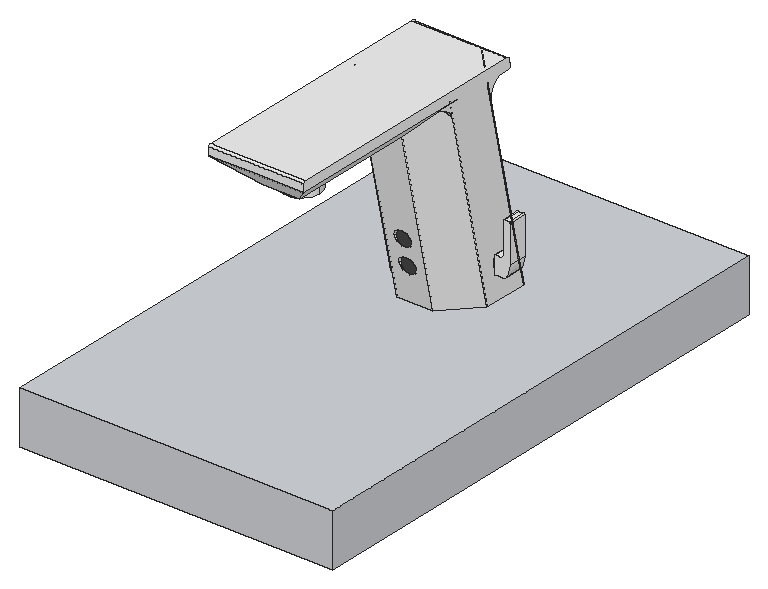
Revit family
Parameters (values of type "Chrome-Polished_Chrome-CP")
  Width = 0' - 2 15/16"
  WFU = 0
  URL = "http://www.us.kohler.com"
  Sensor Material = Sensor Glass
  Product Page URL = "http://www.us.kohler.com/onlinecatalog/detail.jsp?prod_num=13468"
  Product Documentation Link = "http://www.us.kohler.com/onlinecatalog/pdf/1126263_4.pdf"
  Model = "K-13468"  # constant formula
  Manufacturer = "Kohler"  # constant formula
  Length = 0' - 7 3/4"
  Installation = "Single-hole"  # constant formula
  Hot water Radius = 3/16"
  Hot Water Diameter = 3/8"
  Hot Water Connector = "Hot Water Connector"  # constant formula
  Height = 0' - 5 7/16"
  HWFU = 0
  HW Connection = yes
  Finish = Chrome-Kohler-CP-Polished Chrome
  Description = "GEOMETRIC TOUCHLESS™ DM FAUCET W/MIXER"  # constant formula
  Default Elevation = 0' - 0"
  Created By = "http://medialab3dstudio.com/"
  Cold Water Radius = 3/16"
  Cold Water Diameter = 3/8"
  Cold Water Connector = "Cold Water Connector"  # constant formula
  CWFU = 0
  CW Connection = yes
  Assembly Code = "D2010"
Types (3): name | Finish
  (no name) | Chrome-Kohler-CP-Polished Chrome
  Chrome-Polished_Chrome-CP | Chrome-Kohler-CP-Polished Chrome
  Steel-Vibrant_Stainless-VS | Steel-Kohler-VS-Vibrant Stainless
Reference planes (in)
  plane 1 "Back": y = 0
  plane 2 "Bottom": z = 0
  plane 3 "Center (Left/Right)": x = 0
  plane 4 "Left": x = -1.21875
  plane 5 "Right": x = 1.21875
  plane 6 "Front": y = -7.75
  plane 7: z = 5.4375
  plane 8: y = -6.31997
  plane 9: x = 0
  plane 10: z = 4.43543
  plane 11: z = 5.18966
  plane 12: z = 4.43543
  plane 13: y = -2.86736
  plane 14: z = 5.18966
  plane 15: z = 4.63505
  plane 16: z = 5.15297
  plane 17: through (0, -1.20984, 5.39736) normal (0, -0.9757, -0.2193)
  plane 18: through (0, -1.94709, 5.39736) normal (0, -0.9757, -0.2193)
  plane 19: through (0, -3.1313, 5.39736) normal (0, -0.9757, -0.2193)
  plane 20: y = 0.14795
  plane 21: y = -2.69186
  plane 22: z = -0.75
  plane 23: through (0, -1.23293, 2.22557) normal (0, 0.9758, 0.2187)
  plane 24: y = -0.54791
  plane 25: y = -1.23293
  plane 26: through (0, -1.23293, 2.22557) normal (0, -0.9758, -0.2187)
  plane 27: y = -0.54791
  plane 28: y = -1.23293
  plane 29: y = -1.28314
  plane 30: y = -2.01863
  plane 31: y = -1.9184
  plane 32 "Center (Front/Back)": y = -3.85872
  plane 33: y = -3.62007
  plane 34: y = -2.95134
  plane 35: y = -1.77288
  plane 36: y = -1.33828
  plane 37: through (-1.22, -0.7342, 48) normal (-0.7239, 0.6899, 0)
  plane 38: through (1.22, -0.7342, 48) normal (-0.7239, -0.6899, 0)
  plane 39: through (-0.46452, -180, 4.43543) normal (-0.7071, 0, -0.7071)
  plane 40: through (0.46452, -180, 4.43543) normal (-0.7071, 0, 0.7071)
  plane 41: y = -1.3263
  plane 42: x = -0.13974
  plane 43: x = 0.13974
  plane 44: z = 4.43543
  plane 45: x = -0.46452
  plane 46: z = 5.18966
  plane 47: z = 2.0644
  plane 48: z = 4.27922
  plane 49: y = -5.8542
  plane 50: y = -6.78573
  plane 51: y = -0.57692
  plane 52: y = -0.57692
  plane 53: z = -0.78778
  plane 54: y = 0.22617
  plane 55: x = 0.32724
  plane 56: x = -0.32724
  plane 57: z = 0.23047
  plane 58: z = 5.21593
  plane 59: y = -1.16906
  plane 60: x = 0.46576
  plane 61: x = -0.46576
  plane 62: y = -6.94185
  plane 63: y = -6.32467
  plane 64: x = 1.71875
Forms (in)
  Extrusion 1, solid
    sketch origin (0, 0, 0) x (1, 0, 0) y (0, 1, 0)
      loop
        line (-4, 3) -> (-4, -10.31976) -> (3.99389, -10.31976) -> (3.99389, 3) -> (-4, 3)
    from 0 to -1.35077
  Extrusion 2, solid, material "Chrome-Kohler-CP-Polished Chrome" <- "Finish", detail levels fine
    sketch origin (0, 0, 0) x (0, 1, 0) y (0, 0, 1)
      loop
        line (-0.7342, 0) -> (-1.77288, 4.63505)
        arc (-1.77288, 4.63505) -> (-1.68365, 5.00148) -> (-1.33828, 5.15297) r 0.42536
        line (-1.33828, 5.15297) -> (-1.22005, 5.15297)
        arc (-1.22005, 5.15297) -> (-1.17954, 5.17229) -> (-1.16906, 5.21593) r 0.05212
        line (-1.16906, 5.21593) -> (-1.20984, 5.39736)
        arc (-1.20984, 5.39736) -> (-1.22785, 5.42621) -> (-1.25993, 5.4375) r 0.05141
        line (-1.25993, 5.4375) -> (-7.69863, 5.4375)
        arc (-7.69863, 5.4375) -> (-7.73495, 5.42245) -> (-7.75, 5.38613) r 0.05137
        line (-7.75, 5.38613) -> (-7.75, 5.18966) -> (-3.62007, 5.18966)
        arc (-3.62007, 5.18966) -> (-3.18567, 5.03297) -> (-2.95134, 4.63505) r 0.68046
        line (-2.95134, 4.63505) -> (-1.9184, 0) -> (-0.7342, 0)
    from -1.21875 to 1.21875
  Extrusion 3, solid, material "Chrome-Kohler-CP-Polished Chrome" <- "Finish", detail levels fine
    sketch origin (0, 0, 0.25897) x (1, 0, 0) y (0, 0, 1)
      loop
        line (-1.21875, 4.93069) -> (-0.46452, 4.17646) -> (0, 4.17646) -> (0.46452, 4.17646) -> (1.21875, 4.93069) -> (0, 4.93069) -> (-1.21875, 4.93069)
    from 2.86736 to 7.75
  Extrusion 4, void
    sketch origin (0, 0.74619, 0) x (0, 1, 0) y (0, 0, 1)
      loop
        line (-8.49619, 5.18966) -> (-8.49619, 4.43543) -> (-7.68804, 4.43543) -> (-8.49619, 5.18966)
    from -1.21875 to 1.21875
  Extrusion 5, solid, material "Chrome-Kohler-CP-Polished Chrome" <- "Finish", detail levels fine
    sketch origin (0, -6.09131, -3.8885) x (1, 0, 0) y (0, 0.975149, 0.221549)
      loop
        line (-1.21875, 4.93069) -> (-0.46576, 4.17646) -> (0.46576, 4.17646) -> (1.21875, 4.93069) -> (-1.21875, 4.93069)
    from 2.86736 to 8.30557
  Sweep 6, solid, material "Chrome-Kohler-CP-Polished Chrome" <- "Finish", detail levels fine
    path origin (0, 0, 0) x (0, 1, 0) y (0, 0, 1)
      loop
        line (-0.57692, -0.70182) -> (-1.89716, 5.18966)
    profile origin (0, -1.23704, 2.24392) x (0, -0.975799, -0.218669) y (1, 0, 0)
      loop
        line (0, -1.22) -> (0, 0) -> (-0.70201, 0) -> (-0.70201, -0.53442) -> (0, -1.22)
  Extrusion 7, void
    sketch origin (0, 0, 0) x (0, 1, 0) y (0, 0, 1)
      loop
        line (0.14795, 0) -> (-2.69186, 0) -> (-2.69186, -0.75) -> (0.14795, -0.75) -> (0.14795, 0)
    from -1.21875 to 1.21875
  Extrusion 8, solid, material "Chrome-Kohler-CP-Polished Chrome" <- "Finish", detail levels fine
    sketch origin (0, 0.44273, 0) x (1, 0, 0) y (0, 1, 0)
      loop
        arc (0, -6.29694) -> (-0.32935, -6.43336) -> (-0.46576, -6.7627) r 0.46576
        arc (-0.46576, -6.7627) -> (-0.32935, -7.09205) -> (0, -7.22847) r 0.46576
        arc (0, -7.22847) -> (0.32935, -7.09205) -> (0.46576, -6.7627) r 0.46576
        arc (0.46576, -6.7627) -> (0.32935, -6.43336) -> (0, -6.29694) r 0.46576
    from 4.27922 to 4.43543
  Extrusion 9, void
    sketch origin (0, 0.61402, 0) x (1, 0, 0) y (0, 1, 0)
      loop
        arc (0, -6.57489) -> (-0.25725, -6.68144) -> (-0.3638, -6.93869) r 0.3638
        arc (-0.3638, -6.93869) -> (-0.25725, -7.19594) -> (0, -7.30249) r 0.3638
        arc (0, -7.30249) -> (0.25725, -7.19594) -> (0.3638, -6.93869) r 0.3638
        arc (0.3638, -6.93869) -> (0.25725, -6.68144) -> (0, -6.57489) r 0.3638
    from 4.27922 to 4.43543
  Sweep 10, solid, material "Chrome-Kohler-CP-Polished Chrome" <- "Finish", detail levels fine
    path origin (0, 0, 0) x (0, 1, 0) y (0, 0, -1)
      loop
        line (-0.57692, 0.70182) -> (-1.89716, -5.18966)
    profile origin (0, -1.23704, 2.24392) x (0, 0.975799, 0.218669) y (-1, 0, 0)
      loop
        line (0, -1.22) -> (0.70201, -0.53442) -> (0.70201, 0) -> (0, 0) -> (0, -1.22)
  Extrusion 11, void
    sketch origin (0, 0, 0) x (0, 1, 0) y (0, 0, 1)
      loop
        line (0.22617, 0) -> (-1.9184, 0) -> (-1.9184, -0.78778) -> (0.22617, -0.78778) -> (0.22617, 0)
    from -1.21875 to 1.21875
  Extrusion 12, void
    sketch origin (0, 0, 0) x (1, 0, 0) y (0, 1, 0)
      loop
        arc (0.13974, -1.3263) -> (0.19466, -1.45888) -> (0.32724, -1.5138) r 0.1875
        arc (0.32724, -1.5138) -> (0.45982, -1.45888) -> (0.51474, -1.3263) r 0.1875
        arc (0.51474, -1.3263) -> (0.45982, -1.19372) -> (0.32724, -1.1388) r 0.1875
        arc (0.32724, -1.1388) -> (0.19466, -1.19372) -> (0.13974, -1.3263) r 0.1875
      loop
        arc (-0.51474, -1.3263) -> (-0.45982, -1.45888) -> (-0.32724, -1.5138) r 0.1875
        arc (-0.32724, -1.5138) -> (-0.19466, -1.45888) -> (-0.13974, -1.3263) r 0.1875
        arc (-0.13974, -1.3263) -> (-0.19466, -1.19372) -> (-0.32724, -1.1388) r 0.1875
        arc (-0.32724, -1.1388) -> (-0.45982, -1.19372) -> (-0.51474, -1.3263) r 0.1875
    from 0 to 0.23047
  Extrusion 13, void
    sketch origin (2.35546, 0, -0.08746) x (1, 0, 0) y (0, 0, 1)
      loop
        circle (-2.35546, 1.05621) r 0.21875
    from 2.6121 to 3.18249
  Extrusion 14, void
    sketch origin (2.35546, 0, 0.60004) x (1, 0, 0) y (0, 0, 1)
      loop
        circle (-2.35546, 1.05621) r 0.21875
    from 2.76792 to 3.27513
  Extrusion 15, solid, material "Sensor Glass" <- "Sensor Material", detail levels fine
    sketch origin (2.35546, 0, -0.52093) x (1, 0, 0) y (0, 0, 1)
      loop
        circle (-2.35546, 1.48968) r 0.21875
    from 2.6121 to 2.86197
  Extrusion 16, solid, material "Sensor Glass" <- "Sensor Material", detail levels fine
    sketch origin (2.35546, 0, 0.16657) x (1, 0, 0) y (0, 0, 1)
      loop
        circle (-2.35546, 1.48968) r 0.21875
    from 2.76792 to 3.0178
  Extrusion 17, solid, material "Chrome-Kohler-CP-Polished Chrome" <- "Finish", detail levels coarse+medium
    sketch origin (0, 0, 0) x (1, 0, 0) y (0, 1, 0)
      loop
        line (-1.21875, 0) -> (-1.21875, -7.75) -> (1.71875, -7.75) -> (1.71875, 0) -> (-1.21875, 0)
    from 0 to 5.4375
Cuts and joins
  Extrusion 4 cuts Extrusion 3
  Extrusion 9 cuts Extrusion 8
  Extrusion 7, Extrusion 12 cuts Extrusion 2
  Extrusion 11 cuts Sweep 6
  Extrusion 11 cuts Sweep 10
  joined: Sweep 6, Sweep 10
  Extrusion 7, Extrusion 13, Extrusion 14 cuts Extrusion 5
Lines and regions (in)
  Masking region 1, detail levels coarse
    outline origin (0, 0, 0) x (1, 0, 0) y (0, 0, 1)
      loop
        line (-1.21875, 5.4375) -> (-1.21875, 0) -> (1.21875, 0) -> (1.21875, 5.4375) -> (-1.21875, 5.4375)
  Masking region 2, detail levels medium+fine
    outline origin (0, -3.85872, 0) x (1, 0, 0) y (0, 0, 1)
      loop
        line (-1.21875, 5.4375) -> (-1.21875, 0) -> (1.21875, 0) -> (1.21875, 5.4375) -> (-1.21875, 5.4375)
  Masking region 3, detail levels coarse
    outline origin (0, 0, 0) x (1, 0, 0) y (0, 1, 0)
      loop
        line (-1.21875, 0) -> (-1.21875, -7.75) -> (1.21875, -7.75) -> (1.21875, 0) -> (-1.21875, 0)
  Masking region 4, detail levels medium+fine
    outline origin (0, 0, 0) x (1, 0, 0) y (0, 1, 0)
      loop
        line (-0.52034, 0) -> (-1.21875, -0.73289) -> (-1.21875, -7.75) -> (1.21875, -7.75) -> (1.21875, -0.73289) -> (0.52034, 0) -> (-0.52034, 0)
  Masking region 5, detail levels coarse
    outline origin (0, 0, 0) x (0, 1, 0) y (0, 0, 1)
      loop
        line (0, 5.4375) -> (-7.75, 5.4375) -> (-7.75, 0) -> (0, 0) -> (0, 5.4375)
  Masking region 6, detail levels medium+fine
    outline origin (0, 0, 0) x (0, 1, 0) y (0, 0, 1)
      loop
        line (-0.01477, 0) -> (-1.17523, 5.17848)
        arc (-1.17523, 5.17848) -> (-1.16862, 5.19662) -> (-1.16906, 5.21593) r 0.05212
        line (-1.16906, 5.21593) -> (-1.20984, 5.39736)
        arc (-1.20984, 5.39736) -> (-1.22785, 5.42621) -> (-1.25993, 5.4375) r 0.05141
        line (-1.25993, 5.4375) -> (-7.69863, 5.4375)
        arc (-7.69863, 5.4375) -> (-7.73495, 5.42245) -> (-7.75, 5.38613) r 0.05137
        line (-7.75, 5.38613) -> (-7.75, 5.1882) -> (-6.94185, 4.43543) -> (-6.78573, 4.43543) -> (-6.78573, 4.27922) -> (-5.85501, 4.27922) -> (-5.85501, 4.43543) -> (-3.69956, 4.43543) -> (-2.69186, 0) -> (-0.01477, 0)
  symbolic lines, style "Masking Lines", detail levels medium+fine
    curve 1: line (-1.21875, -7.75, 5.18966) -> (-0.46452, -7.75, 4.43543)
    curve 2: line (-0.46452, -7.75, 4.43543) -> (0.46701, -7.75, 4.43543)
    curve 3: line (0.46701, -7.75, 4.43543) -> (1.22, -7.75, 5.18966)
    curve 4: line (1.22, -7.75, 5.18966) -> (-1.21875, -7.75, 5.18966)
    curve 18: line (1.21875, 0, 5.18966) -> (-1.21875, 0, 5.18966)
  symbolic lines, style "Masking Lines", detail levels fine
    curve 5: line (-0.36255, -7.75, 4.43543) -> (-0.36255, -7.75, 4.27922)
    curve 6: line (-0.36255, -7.75, 4.27922) -> (0.36505, -7.75, 4.27922)
    curve 7: line (0.36505, -7.75, 4.27922) -> (0.36505, -7.75, 4.43543)
    curve 8: line (-0.46452, -7.75, 4.43543) -> (-0.46452, -7.75, 0)
    curve 9: line (0.46701, -7.75, 0) -> (0.46701, -7.75, 4.43543)
    curve 10: arc (0, -1.21847, 5.15297) -> (0, -1.19269, 5.1598) -> (0, -1.17366, 5.17848) r 0.05212
    curve 11: line (0, -1.33671, 5.15297) -> (0, -1.21847, 5.15297)
    curve 12: arc (0, -1.7713, 4.63505) -> (0, -1.68208, 5.00148) -> (0, -1.33671, 5.15297) r 0.42536
    curve 13: line (0, -0.73263, 0) -> (0, -1.7713, 4.63505)
    curve 14: line (0, -2.94137, 4.57192) -> (0, -1.91683, 0)
    curve 15: arc (0, -3.61849, 5.18966) -> (0, -3.16021, 5.01202) -> (0, -2.94137, 4.57192) r 0.67998
    curve 16: line (0, -3.61849, 5.18966) -> (0, -7.75, 5.18966)
    curve 17: line (0, -5.8542, 4.43543) -> (0, -6.78573, 4.43543)
    curve 19: line (0.53442, -1.16906, 0) -> (1.21875, -1.16906, 0)
    curve 20: line (-0.53442, -0.01477, 0) -> (-0.53442, -1.16906, 0)
    curve 21: line (0.53442, -1.16906, 0) -> (0.53442, -0.01477, 0)
    curve 22: line (-0.53442, -1.16906, 0) -> (0.53442, -1.16906, 0)
    curve 23: line (-1.21875, -1.16906, 0) -> (-0.53442, -1.16906, 0)
    curve 24: arc (0.21875, -7.75, 1.65625) -> (0, -7.75, 1.875) -> (-0.21875, -7.75, 1.65625) r 0.21875
    curve 25: arc (-0.21875, -7.75, 1.65625) -> (0, -7.75, 1.4375) -> (0.21875, -7.75, 1.65625) r 0.21875
    curve 26: arc (0.21875, -7.75, 0.96875) -> (0, -7.75, 1.1875) -> (-0.21875, -7.75, 0.96875) r 0.21875
    curve 27: arc (-0.21875, -7.75, 0.96875) -> (0, -7.75, 0.75) -> (0.21875, -7.75, 0.96875) r 0.21875
Dimensions and locks (in)
  equal spacing: plane 4 "Left", plane 3 "Center (Left/Right)", plane 5 "Right"
  "Height": plane 7 to plane 2 "Bottom"
  locked: plane 8 to plane 6 "Front" at 1.43003
  locked: plane 1 "Back" to plane 13 at 2.86736
  locked: plane 18 to plane 17 at 0.71931
  locked: plane 19 to plane 18 at 1.15539
  locked: plane 7 to plane 16 at 0.28453
  locked: plane 16 to plane 14 at 0.03669
  locked: plane 15 to plane 16 at 0.51793
  locked: plane 13 to plane 30 at 0.84873
  locked: plane 29 to plane 1 "Back" at 1.28314
  plane 13 to plane 31 = 0' - 0.94896"
  plane 32 "Center (Front/Back)" to plane 13 = 0' - 0.99136"
  locked: plane 33 to plane 32 "Center (Front/Back)" at 0.23866
  locked: plane 34 to plane 33 at 0.66873
  locked: plane 35 to plane 31 at 0.14553
  locked: plane 36 to plane 35 at 0.43459
  "Length": plane 1 "Back" to plane 6 "Front"
  locked: plane 41 to plane 1 "Back" at 1.3263
  plane 42 to plane 3 "Center (Left/Right)" = 0' - 0.13974"
  plane 3 "Center (Left/Right)" to plane 43 = 0' - 0.13974"
  level to Masking region 2 = 0' - 5 7/16"
  locked: plane 47 to plane 2 "Bottom" at 2.0644
  locked: plane 48 to plane 2 "Bottom" at 4.27922
  plane 50 to plane 6 "Front" = 0' - 0.96427"
  locked: plane 49 to plane 6 "Front" at 1.8958
  locked: plane 1 "Back" to plane 51 at 0.57692
  locked: plane 1 "Back" to plane 52 at 0.57692
  locked: plane 54 to plane 1 "Back" at 0.22617
  locked: plane 2 "Bottom" to plane 53 at 0.78778
  plane 4 "Left" to plane 61 to plane 60 = 0' - 0.75299" locked, 0' - 0.93153" locked
  locked: plane 62 to plane 6 "Front" at 0.80815
  equal spacing: plane 5 "Right", plane 3 "Center (Left/Right)", plane 4 "Left"
  "Width": plane 4 "Left" to plane 64
  "Cold Water Radius": radius of Extrusion 12 sketch curve
  "Hot water Radius": radius of Extrusion 12 sketch curve
  locked: plane 23 to plane 1 "Back" (angle 12.6309°)
  locked: plane 37 to plane 4 "Left" (angle 43.6201°)
  locked: plane 5 "Right" to plane 38 (angle 43.6201°)
  aligned and locked: plane 2 "Bottom" to Extrusion 1
  aligned and locked: level to Extrusion 1
  aligned and locked: Extrusion 2 to plane 4 "Left"
  aligned and locked: Extrusion 2 to plane 5 "Right"
  aligned and locked: Extrusion 7 to plane 4 "Left"
  aligned and locked: Extrusion 7 to plane 5 "Right"
  aligned and locked: Masking region 1 sketch curve to plane 7
  aligned and locked: plane 2 "Bottom" to Masking region 1 sketch curve
  aligned and locked: plane 4 "Left" to Masking region 1 sketch curve
  aligned and locked: plane 1 "Back" to Masking region 3 sketch curve
  aligned and locked: plane 6 "Front" to Masking region 3 sketch curve
  aligned and locked: plane 4 "Left" to Masking region 3 sketch curve
  aligned and locked: Masking region 5 sketch curve to plane 7
  aligned and locked: plane 6 "Front" to Masking region 5 sketch curve
  aligned and locked: plane 2 "Bottom" to Masking region 5 sketch curve
  aligned and locked: plane 1 "Back" to Masking region 5 sketch curve
  aligned and locked: plane 3 "Center (Left/Right)" to plane 9
  aligned and locked: plane 9 to Extrusion 8 sketch curve  (x2)
  aligned and locked: plane 8 to Extrusion 8 sketch curve  (x2)
  aligned and locked: Extrusion 4 sketch curve to plane 10
  aligned and locked: Extrusion 4 to plane 5 "Right"
  aligned and locked: Extrusion 4 to plane 4 "Left"
  aligned and locked: Extrusion 2 sketch curve to plane 7
  aligned and locked: plane 7 to Extrusion 2 sketch curve
  aligned and locked: plane 2 "Bottom" to Extrusion 2 sketch curve
  aligned and locked: Extrusion 2 sketch curve to plane 14
  aligned and locked: plane 14 to Extrusion 2 sketch curve
  aligned and locked: Extrusion 2 sketch curve to plane 16
  aligned and locked: Extrusion 7 sketch curve to level
  aligned and locked: plane 21 to Extrusion 7 sketch curve
  aligned and locked: Extrusion 7 sketch curve to plane 22
  aligned and locked: Extrusion 7 sketch curve to plane 20
  aligned and locked: Sweep 6 sketch curve to plane 23
  aligned: plane 24 to Sweep 6 sketch curve
  aligned: plane 25 to Sweep 6 sketch curve
  aligned: Sweep 6 sketch curve to plane 3 "Center (Left/Right)"
  aligned and locked: Sweep 10 sketch curve to plane 26
  aligned and locked: plane 29 to Extrusion 5 sketch curve  (x3)
  aligned and locked: plane 30 to Extrusion 5 sketch curve  (x3)
  aligned and locked: plane 15 to Extrusion 2 sketch curve  (x2)
  aligned and locked: plane 16 to Extrusion 2 sketch curve
  aligned and locked: plane 17 to Extrusion 2 sketch curve  (x2)
  aligned and locked: plane 6 "Front" to Extrusion 2 sketch curve
  aligned and locked: plane 33 to Extrusion 2 sketch curve
  aligned and locked: plane 34 to Extrusion 2 sketch curve
  aligned and locked: plane 35 to Extrusion 2 sketch curve
  aligned and locked: plane 36 to Extrusion 2 sketch curve
  aligned and locked: plane 5 "Right" to Masking region 2 sketch curve
  aligned and locked: Masking region 2 sketch curve to plane 7
  aligned and locked: Masking region 2 sketch curve to plane 4 "Left"
  aligned and locked: level to Masking region 2 sketch curve
  aligned and locked: plane 5 "Right" to Masking region 1 sketch curve
  aligned and locked: plane 5 "Right" to Masking region 3 sketch curve
  aligned and locked: plane 5 "Right" to Masking region 4 sketch curve
  aligned and locked: plane 6 "Front" to Masking region 4 sketch curve
  aligned and locked: plane 4 "Left" to Masking region 4 sketch curve
  aligned and locked: Masking region 4 sketch curve to plane 1 "Back"
  aligned and locked: plane 37 to Masking region 4 sketch curve
  aligned and locked: plane 38 to Masking region 4 sketch curve
  aligned and locked: plane 11 to Extrusion 3 sketch curve  (x2)
  aligned and locked: Extrusion 3 sketch curve to plane 39
  aligned and locked: plane 40 to Extrusion 3 sketch curve
  aligned and locked: curve 4 to curve 18
  aligned and locked: cut or joined group of Extrusion 3, Extrusion 4 to plane 44
  aligned and locked: plane 45 to curve 8
  aligned and locked: curve 2 to plane 44
  aligned and locked: plane 5 "Right" to curve 18
  aligned and locked: plane 4 "Left" to curve 18
  aligned and locked: plane 47 to nested 1
  aligned and locked: curve 16 to plane 46
  aligned and locked: plane 6 "Front" to curve 16
  aligned and locked: cut or joined group of Extrusion 3, Extrusion 4 to plane 13
  aligned and locked: cut or joined group of Extrusion 3, Extrusion 4 to plane 6 "Front"
  aligned and locked: Extrusion 9 to plane 48
  aligned and locked: plane 44 to Extrusion 9
  aligned and locked: curve 17 to plane 44
  aligned and locked: plane 49 to curve 17
  aligned and locked: plane 50 to curve 17
  aligned and locked: plane 46 to Sweep 6 sketch curve
  aligned and locked: plane 51 to Sweep 6 sketch curve
  aligned and locked: plane 46 to Sweep 10 sketch curve
  aligned and locked: plane 52 to Sweep 10 sketch curve
  aligned and locked: plane 31 to Extrusion 11 sketch curve
  aligned and locked: Extrusion 11 sketch curve to plane 53
  aligned and locked: Extrusion 11 sketch curve to plane 54
  aligned and locked: Extrusion 11 to plane 4 "Left"
  aligned and locked: Extrusion 11 to plane 5 "Right"
  aligned and locked: plane 41 to Extrusion 12 sketch curve  (x4)
  aligned and locked: plane 55 to Extrusion 12 sketch curve  (x2)
  aligned and locked: plane 56 to Extrusion 12 sketch curve  (x2)
  aligned and locked: plane 57 to Extrusion 12
  aligned and locked: plane 58 to Extrusion 2 sketch curve
  aligned and locked: plane 59 to Masking region 6
  aligned and locked: plane 3 "Center (Left/Right)" to Sweep 6
  aligned and locked: plane 4 "Left" to Extrusion 5 sketch curve
  aligned and locked: plane 5 "Right" to Extrusion 5 sketch curve
  aligned and locked: plane 61 to Extrusion 5 sketch curve
  aligned and locked: plane 60 to Extrusion 5 sketch curve
  aligned and locked: plane 3 "Center (Left/Right)" to Extrusion 3 sketch curve  (x2)
  aligned and locked: Extrusion 3 sketch curve to plane 12
  aligned and locked: plane 10 to Extrusion 4 sketch curve
  aligned and locked: plane 62 to Extrusion 4 sketch curve
  aligned and locked: plane 6 "Front" to Extrusion 4 sketch curve
  aligned and locked: plane 46 to Extrusion 4 sketch curve
  aligned and locked: plane 3 "Center (Left/Right)" to Extrusion 9 sketch curve  (x2)
  aligned and locked: plane 63 to Extrusion 9 sketch curve  (x2)
  aligned and locked: plane 44 to cut or joined group of Extrusion 8, Extrusion 9
  aligned and locked: cut or joined group of Extrusion 8, Extrusion 9 to plane 48
  aligned and locked: plane 2 "Bottom" to Extrusion 11
Automatic sketch dimensions
  Sweep 6 sketch curve to plane 3 "Center (Left/Right)" = 0' - 0"
  Sweep 6 sketch curve to profile plane = 0' - 0"
  profile plane to Sweep 6 sketch curve = 0' - 0.70201"
  Sweep 6 sketch curve to plane 3 "Center (Left/Right)" = 0' - 0.53442"
  Sweep 6 sketch curve to Sweep 6 sketch curve = 0' - 0.68558"
  Extrusion 5 sketch curve to plane 4 "Left" = 0' - 0"
  Extrusion 5 sketch curve to plane 5 "Right" = 0' - 0"
  Extrusion 5 sketch curve to plane 3 "Center (Left/Right)" = 0' - 0.46576"
  plane 3 "Center (Left/Right)" to Extrusion 5 sketch curve = 0' - 0.46576"
  Extrusion 5 sketch curve to Extrusion 5 sketch curve = 0' - 0.75423"
  curve 23 to plane 4 "Left" = 0' - 0"
  curve 19 to plane 5 "Right" = 0' - 0"
  plane 1 "Back" to curve 20 = 0' - 0.01477"
  plane 45 to curve 20 = 0' - 0.0699"
  plane 1 "Back" to curve 21 = 0' - 0.01477"
  curve 21 to plane 43 = 0' - 0.39468"
  curve 22 to plane 41 = 0' - 0.15724"
  curve 16 to plane 6 "Front" = 0' - 0"
  curve 16 to plane 46 = 0' - 0"
  curve 14 to level = 0' - 0"
  curve 13 to level = 0' - 0"
  curve 16 to plane 32 "Center (Front/Back)" = 0' - 0.24023"
  plane 13 to curve 15 = 0' - 0.074"
  curve 14 to plane 31 = 0' - 0.00157"
  curve 13 to plane 31 = 0' - 0.1471"
  plane 41 to curve 12 = 0' - 0.02994"
  plane 41 to curve 12 = 0' - 0.01041"
  curve 11 to plane 46 = 0' - 0.03669"
  curve 11 to plane 41 = 0' - 0.10783"
  curve 10 to plane 46 = 0' - 0.01118"
  curve 10 to curve 10 = 0' - 0.04482"
  curve 13 to plane 41 = 0' - 0.59368"
  curve 15 to curve 15 = 0' - 0.67998"
  plane 44 to curve 13 = 0' - 0.19962"
  Extrusion 1 sketch curve to Extrusion 1 sketch curve = 0' - 7.99389"
  Extrusion 1 sketch curve to Extrusion 1 sketch curve = 1' - 1.31976"
  plane 19 to Extrusion 2 sketch curve = 0' - 0"
  plane 18 to Extrusion 2 sketch curve = 0' - 0"
  plane 6 "Front" to Extrusion 2 sketch curve = 0' - 0.05137"
  Extrusion 2 sketch curve to plane 36 = 0' - 0 5/256"
  Extrusion 2 sketch curve to plane 7 = 0' - 0.05141"
  Extrusion 2 sketch curve to Extrusion 2 sketch curve = 0' - 0.09093"
  plane 58 to Extrusion 2 sketch curve = 0' - 0.01084"
  Extrusion 2 sketch curve to plane 7 = 0' - 0.04014"
  plane 50 to Extrusion 8 sketch curve = 0' - 0"
  Extrusion 9 sketch curve to plane 45 = 0' - 0.10071"
  Masking region 6 sketch curve to plane 6 "Front" = 0' - 0"
  Masking region 6 sketch curve to plane 7 = 0' - 0"
  Masking region 6 sketch curve to plane 44 = 0' - 0"  (x2)
  Masking region 6 sketch curve to plane 50 = 0' - 0"
  Masking region 6 sketch curve to plane 48 = 0' - 0"
  Masking region 6 sketch curve to level = 0' - 0"
  plane 6 "Front" to Masking region 6 sketch curve = 0' - 0.05137"
  plane 50 to Masking region 6 sketch curve = 0' - 0.15612"
  plane 49 to Masking region 6 sketch curve = 0' - 0.00081"
  Masking region 6 sketch curve to plane 32 "Center (Front/Back)" = 0' - 0.15916"
  Masking region 6 sketch curve to plane 13 = 0' - 0.1755"
  Masking region 6 sketch curve to plane 41 = 0' - 0.06631"
  Masking region 6 sketch curve to Masking region 6 sketch curve = 0' - 0.00007"
  plane 46 to Masking region 6 sketch curve = 0' - 0.01543"
  Masking region 6 sketch curve to plane 41 = 0' - 0.10625"
  Masking region 6 sketch curve to plane 7 = 0' - 0.04014"
  Masking region 6 sketch curve to Masking region 6 sketch curve = 0' - 0.05016"
  Masking region 6 sketch curve to plane 46 = 0' - 0.01118"
  Masking region 6 sketch curve to Masking region 6 sketch curve = 0' - 0.04482"
  plane 46 to Masking region 6 sketch curve = 0' - 0.02627"
  plane 1 "Back" to Masking region 6 sketch curve = 0' - 0.01477"
  Masking region 6 sketch curve to plane 46 = 0' - 0.00146"
  profile plane to Sweep 10 sketch curve = 0' - 0"
  Sweep 10 sketch curve to profile plane = 0' - 0"
  Sweep 10 sketch curve to profile plane = 0' - 0.70201"
  Sweep 10 sketch curve to profile plane = 0' - 0.53442"
  Sweep 10 sketch curve to Sweep 10 sketch curve = 0' - 0.68558"
  curve 3 to plane 46 = 0' - 0"
  curve 2 to plane 44 = 0' - 0"
  curve 9 to level = 0' - 0"
  curve 7 to plane 48 = 0' - 0"
  plane 45 to curve 2 = 0' - 0"
  curve 1 to plane 4 "Left" = 0' - 0"
  curve 8 to level = 0' - 0"
  curve 5 to plane 45 = 0' - 0.10196"
  curve 7 to plane 43 = 0' - 0.22531"
  curve 9 to plane 43 = 0' - 0.32727"
  curve 4 to plane 5 "Right" = 0' - 0.00125"
  Extrusion 11 sketch curve to level = 0' - 0"
  Extrusion 13 sketch curve to plane 3 "Center (Left/Right)" = 0' - 0"
  Extrusion 14 sketch curve to plane 3 "Center (Left/Right)" = 0' - 0"
  Extrusion 15 sketch curve to plane 3 "Center (Left/Right)" = 0' - 0"
  Extrusion 16 sketch curve to plane 3 "Center (Left/Right)" = 0' - 0"
  Extrusion 14 sketch curve to plane 47 = 0' - 0.40815"
  Extrusion 16 sketch curve to plane 47 = 0' - 0.40815"
  plane 57 to Extrusion 13 sketch curve = 0' - 0 189/256"
  plane 57 to Extrusion 15 sketch curve = 0' - 0 189/256"
  curve 24 to plane 3 "Center (Left/Right)" = 0' - 0"
  curve 25 to plane 43 = 0' - 0.07901"
  curve 24 to plane 47 = 0' - 0.40815"
  curve 27 to plane 3 "Center (Left/Right)" = 0' - 0"
  curve 27 to plane 43 = 0' - 0.07901"
  curve 26 to curve 25 = 0' - 0 11/16"
  Extrusion 17 sketch curve to plane 4 "Left" = 0' - 0"
  Extrusion 17 sketch curve to plane 6 "Front" = 0' - 0"
  Extrusion 17 sketch curve to plane 64 = 0' - 0"
  plane 1 "Back" to Extrusion 17 sketch curve = 0' - 0"
  radius of Extrusion 13 sketch curve = 0' - 0 7/32"
  radius of Extrusion 14 sketch curve = 0' - 0 7/32"
  radius of Extrusion 15 sketch curve = 0' - 0 7/32"
  radius of Extrusion 16 sketch curve = 0' - 0 7/32"
Nested families (in)
  nested 1: "Mixer_Handle" at (1.30636, -1.3263, 0.72069), type "Mixer_Handle", detail levels fine
Connectors (in)
  piping at (0.32724, -1.3263, 0), driven by "CW Connection", driven by "Cold Water Connector", driven by "CWFU", driven by "Cold Water Radius"
    settings: on cut or joined group of Extrusion 2, Extrusion 7, Extrusion 12, index 1, connector radius 3/16", flow factor 0, pipe flow 0.0 GPM, pressure drop 0.00 psi, fitting loss kfactor 0, connector angle 0.00°, fixture units 0, flow configuration 3, flow direction 1, fitting loss method 0, system type 20, connector reference index -1, connector utility 1, adjustable connector no, is connector primary yes, fitting loss table "", connector description "Cold Water Connector"
  piping at (-0.32724, -1.3263, 0), driven by "HW Connection", driven by "Hot Water Connector", driven by "HWFU", driven by "Hot water Radius"
    settings: on cut or joined group of Extrusion 2, Extrusion 7, Extrusion 12, index 2, connector radius 3/16", flow factor 0, pipe flow 0.0 GPM, pressure drop 0.00 psi, fitting loss kfactor 0, connector angle 0.00°, fixture units 0, flow configuration 3, flow direction 1, fitting loss method 0, system type 19, connector reference index -1, connector utility 1, adjustable connector no, is connector primary no, fitting loss table "", connector description "Hot Water Connector"
Definition of nested family "Mixer_Handle"
  Parameters (values of type "Mixer_Handle")
    Finish = none
    Assembly Code = ""
  Reference planes (in)
    plane 1 "Back": y = 0
    plane 2 "Bottom": z = 0
    plane 3 "Center (Left/Right)": x = 0
    plane 4 "Left": x = -0.08761
    plane 5 "Right": x = 0.41292
    plane 6 "Front": y = -0.44772
    plane 7 "Top": z = 1.34371
    plane 8: z = 0.05189
    plane 9: z = 0.39676
    plane 10: z = 0.49781
    plane 11: z = 0.021
    plane 12: z = 0.42756
    plane 13: x = 0.02683
    plane 14: z = 0.44937
    plane 15: x = 0.11407
    plane 16: z = 0.07558
    plane 17: x = 0.29213
    plane 18: z = 0.36191
    plane 19: z = 1.31682
    plane 20: x = 0.26089
    plane 21: x = 0.38603
    plane 22: z = 0.49781
    plane 23: z = 0.46248
    plane 24: x = 0.1541
    plane 25: y = -0.05224
    plane 26: y = -0.3971
    plane 27: y = -0.3971
    plane 28: y = -0.05224
    plane 29: x = 0.17893
    plane 30: y = -0.22467
    plane 31: z = 0.22432
    plane 32: x = 0.17893
  Forms (in)
    Extrusion 1, solid, material <- "Finish", detail levels medium+fine
      sketch origin (0, 0, 0) x (1, 0, 0) y (0, 0, 1)
        loop
          arc (0, 0.02639) -> (0.00773, 0.00773) -> (0.02639, 0) r 0.02639
          line (0.02639, 0) -> (0.16876, 0)
          arc (0.16876, 0) -> (0.26676, 0.01666) -> (0.34682, 0.07558) r 0.21523
          arc (0.34682, 0.07558) -> (0.39618, 0.21498) -> (0.41292, 0.36191) r 0.65317
          line (0.41292, 0.36191) -> (0.41292, 1.31682)
          arc (0.41292, 1.31682) -> (0.40505, 1.33583) -> (0.38603, 1.34371) r 0.02689
          line (0.38603, 1.34371) -> (0.26089, 1.34371)
          arc (0.26089, 1.34371) -> (0.24161, 1.33572) -> (0.23362, 1.31644) r 0.02727
          line (0.23362, 1.31644) -> (0.23362, 0.49781)
          arc (0.23362, 0.49781) -> (0.23003, 0.47797) -> (0.21714, 0.46248) r 0.03959
          arc (0.21714, 0.46248) -> (0.18709, 0.44879) -> (0.1541, 0.44737) r 0.08641
          arc (0.1541, 0.44737) -> (0.09044, 0.44672) -> (0.02683, 0.44937) r 1.22708
          arc (0.02683, 0.44937) -> (0.00786, 0.44151) -> (0, 0.42254) r 0.02683
          line (0, 0.42254) -> (0, 0.02639)
      from 0 to 0.44772
    Extrusion 2, solid, material <- "Finish", detail levels medium+fine
      sketch origin (0, -0.22467, 0) x (0, 1, 0) y (0, 0, 1)
        loop
          arc (0.17243, 0.22432) -> (0.12193, 0.34625) -> (0, 0.39676) r 0.17243
          arc (0, 0.39676) -> (-0.12193, 0.34625) -> (-0.17243, 0.22432) r 0.17243
          arc (-0.17243, 0.22432) -> (-0.12193, 0.1024) -> (0, 0.05189) r 0.17243
          arc (0, 0.05189) -> (0.12193, 0.1024) -> (0.17243, 0.22432) r 0.17243
      from -0.08761 to 0
  Cuts and joins
    joined: Extrusion 1, Extrusion 2
  Lines and regions (in)
    Masking region 1, detail levels coarse
      outline origin (0, -0.44772, 0) x (-1, 0, 0) y (0, 0, 1)
        loop
          line (0.08761, 1.34371) -> (-0.41292, 1.34371) -> (-0.41292, 0) -> (0.08761, 0) -> (0.08761, 1.34371)
    Masking region 2, detail levels medium
      outline origin (0, -0.44772, 0) x (-1, 0, 0) y (0, 0, 1)
        loop
          line (0.08761, 0.05189) -> (0.08761, 0.39676) -> (0, 0.39676) -> (0, 0.49781) -> (-0.23362, 0.49781) -> (-0.23362, 1.34371) -> (-0.41292, 1.34371) -> (-0.41292, 0) -> (0, 0) -> (0, 0.05189) -> (0.08761, 0.05189)
    Masking region 3, detail levels fine
      outline origin (0, -0.44772, 0) x (-1, 0, 0) y (0, 0, 1)
        loop
          line (0.08761, 0.05189) -> (0.08761, 0.39676) -> (0, 0.39676) -> (0, 0.42756)
          arc (0, 0.42756) -> (-0.00923, 0.44361) -> (-0.02683, 0.44937) r 0.02583
          arc (-0.02683, 0.44937) -> (-0.09044, 0.44672) -> (-0.1541, 0.44737) r 1.22708
          arc (-0.1541, 0.44737) -> (-0.18709, 0.44879) -> (-0.21714, 0.46248) r 0.08641
          arc (-0.21714, 0.46248) -> (-0.23003, 0.47797) -> (-0.23362, 0.49781) r 0.03959
          line (-0.23362, 0.49781) -> (-0.23362, 1.31644)
          arc (-0.23362, 1.31644) -> (-0.24161, 1.33572) -> (-0.26089, 1.34371) r 0.02727
          line (-0.26089, 1.34371) -> (-0.38603, 1.34371)
          arc (-0.38603, 1.34371) -> (-0.40505, 1.33583) -> (-0.41292, 1.31682) r 0.02689
          line (-0.41292, 1.31682) -> (-0.41292, 0.36191)
          arc (-0.41292, 0.36191) -> (-0.39618, 0.21498) -> (-0.34682, 0.07558) r 0.65317
          arc (-0.34682, 0.07558) -> (-0.26676, 0.01666) -> (-0.16876, 0) r 0.21523
          line (-0.16876, 0) -> (-0.02639, 0)
          arc (-0.02639, 0) -> (-0.00953, 0.00589) -> (0, 0.021) r 0.02708
          line (0, 0.021) -> (0, 0.05189) -> (0.08761, 0.05189)
    Masking region 4, detail levels coarse
      outline origin (0, 0, 0) x (1, 0, 0) y (0, 1, 0)
        loop
          line (-0.08761, 0) -> (-0.08761, -0.44772) -> (0.41292, -0.44772) -> (0.41292, 0) -> (-0.08761, 0)
    Masking region 5, detail levels medium+fine
      outline origin (0, 0, 0) x (1, 0, 0) y (0, 1, 0)
        loop
          line (-0.08761, -0.05224) -> (-0.08761, -0.3971) -> (0, -0.3971) -> (0, -0.44772) -> (0.41292, -0.44772) -> (0.41292, 0) -> (0, 0) -> (0, -0.05224) -> (-0.08761, -0.05224)
    Masking region 6, detail levels fine
      outline origin (0.41292, 0, 0) x (0, 1, 0) y (0, 0, 1)
        loop
          line (0, 1.34371) -> (-0.44772, 1.34371) -> (-0.44772, 0) -> (0, 0) -> (0, 1.34371)
    symbolic lines, style "Masking Lines", detail levels fine
      curve 1: line (0, -0.05224, 0) -> (0, -0.3971, 0)
    model lines, style "Masking Lines", detail levels fine
      curve 2: line (0, -0.44772, 0.39676) -> (0, -0.44772, 0.05189)
  Dimensions and locks (in)
    locked: plane 8 to plane 2 "Bottom" at 0.05189
    locked: plane 9 to plane 8 at 0.34486
    locked: plane 10 to plane 9 at 0.10106
    locked: plane 26 to plane 6 "Front" at 0.05062
    locked: plane 26 to plane 25 at 0.34486
    locked: plane 25 to plane 1 "Back" at 0.05224
    plane 4 "Left" to plane 3 "Center (Left/Right)" to plane 5 "Right" = 0' - 0.08761" locked, 0' - 0.41292"
    plane 1 "Back" to plane 28 to plane 27 to plane 6 "Front" = 0' - 0.05224" locked, 0' - 0.34486" locked, 0' - 0.05062" locked
    locked: plane 29 to plane 4 "Left" at 0.26654
    locked: plane 7 "Top" to plane 2 "Bottom" at 1.34371
    locked: plane 31 to plane 2 "Bottom" at 0.22432
    locked: cut or joined group of Extrusion 1, Extrusion 2 to plane 30 at 0.22467
    aligned and locked: plane 2 "Bottom" to level
    aligned and locked: Extrusion 1 to plane 6 "Front"
    aligned and locked: Extrusion 1 to plane 1 "Back"
    aligned and locked: Extrusion 2 to plane 4 "Left"
    aligned and locked: plane 3 "Center (Left/Right)" to Extrusion 2
    aligned and locked: Masking region 1 sketch curve to plane 7 "Top"
    aligned and locked: Masking region 1 sketch curve to plane 5 "Right"
    aligned and locked: plane 2 "Bottom" to Masking region 1 sketch curve
    aligned and locked: plane 4 "Left" to Masking region 1 sketch curve
    aligned and locked: plane 19 to cut or joined group of Extrusion 1, Extrusion 2
    aligned and locked: plane 20 to cut or joined group of Extrusion 1, Extrusion 2
    aligned and locked: plane 21 to cut or joined group of Extrusion 1, Extrusion 2
    aligned and locked: plane 22 to cut or joined group of Extrusion 1, Extrusion 2
    aligned and locked: plane 23 to cut or joined group of Extrusion 1, Extrusion 2
    aligned and locked: plane 24 to cut or joined group of Extrusion 1, Extrusion 2
    aligned and locked: plane 1 "Back" to Masking region 4 sketch curve
    aligned and locked: Masking region 4 sketch curve to plane 5 "Right"
    aligned and locked: plane 6 "Front" to Masking region 4 sketch curve
    aligned and locked: plane 4 "Left" to Masking region 4 sketch curve
    aligned and locked: plane 4 "Left" to Masking region 5 sketch curve
    aligned and locked: plane 1 "Back" to Masking region 5 sketch curve
    aligned and locked: plane 3 "Center (Left/Right)" to Masking region 5 sketch curve  (x2)
    aligned and locked: Masking region 5 sketch curve to plane 5 "Right"
    aligned and locked: plane 6 "Front" to Masking region 5 sketch curve
    aligned and locked: plane 25 to Masking region 5 sketch curve
    aligned and locked: plane 26 to Masking region 5 sketch curve
    aligned and locked: cut or joined group of Extrusion 1, Extrusion 2 to plane 3 "Center (Left/Right)"
    aligned and locked: Masking region 6 sketch curve to plane 7 "Top"
    aligned and locked: plane 6 "Front" to Masking region 6 sketch curve
    aligned and locked: plane 2 "Bottom" to Masking region 6 sketch curve
    aligned and locked: plane 1 "Back" to Masking region 6 sketch curve
    aligned and locked: curve 1 to plane 3 "Center (Left/Right)"
    aligned and locked: plane 28 to curve 1
    aligned and locked: plane 27 to curve 1
    aligned and locked: plane 30 to Extrusion 2 sketch curve  (x2)
    aligned and locked: plane 31 to Extrusion 2 sketch curve  (x2)
